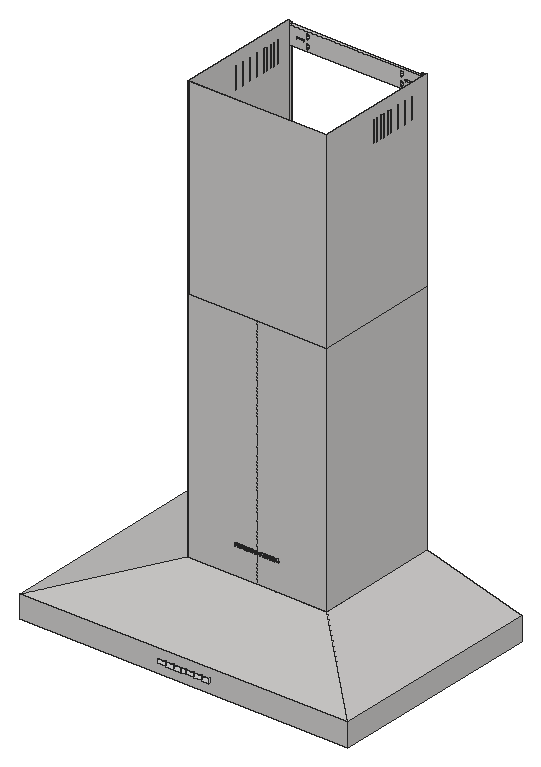
Revit family "FP_Revit_18_HC30PHTX1_N_Rangehood_90001238A", category Specialty Equipment, Revit 2018
Family settings
  Round Connector Dimension = Use Diameter
  Part Type = Normal
  OmniClass Number = 23.40.40.00
  OmniClass Title = Food Service Equipment and Furnishings
  Work Plane-Based = No
  Always vertical = Yes
  Cut with Voids When Loaded = Yes
  Shared = No
  Room Calculation Point = No
Parameters
  Visibility - Upper Chimney Extension [instance] = yes
  URL = "www.fisherpaykel.com"
  Product - Width = 755 mm  # constant formula
  Product - Height (655mm - 1094mm) Ducted [instance] = 1094 mm
  Product - Depth = 500 mm  # constant formula
  Model = "HC30PHTX1_N"
  Material - Trim = Fisher & Paykel - Steel, Chrome Plated
  Material - Body = Fisher & Paykel - Stainless Steel
  Manufacturer = "Fisher & Paykel Appliances"
  FFL Offset [instance] = 1565 mm
  Description = "30\" Rangehood"
  Connector Description - Extraction = "6” (152 mm) diameter, rigid or semi-rigid ducting, 600 CFM"
  Connector Description - Electrical = "120 V, 60Hz, 15 A, Fused electrical supply"
  Chassis - Width = 320 mm  # constant formula
  Chassis - Height = 114 mm  # constant formula
  Chassis - Depth = 290 mm  # constant formula
Reference planes
  plane 1 "Datum": y = 0
  plane 2: z = 0
  plane 3 "Center (Left/Right)": x = 0
  plane 4 "Product - Height": z = 2659
  plane 5 "Product LHS": x = -377.5
  plane 6 "Product RHS": x = 377.5
  plane 7 "Product - Depth": y = -500
  plane 8 "Cavity LHS": x = -160
  plane 9 "Cavity RHS": x = 160
  plane 10 "Chassis - Depth": y = -290
  plane 11 "FFL Offset": z = 1565
Forms (mm)
  Extrusion 1, solid, material "Fisher & Paykel - Stainless Steel" <- "Material - Body"
    sketch origin (0, 0, 0) x (1, 0, 0) y (0, 1, 0)
      loop
        line (-145, 0) -> (-160, 0) -> (-160, -290) -> (0, -290) -> (160, -290) -> (160, 0) -> (145, 0) -> (145, -1) -> (159, -1) -> (159, -289) -> (-159, -289) -> (-159, -1) -> (-145, -1) -> (-145, 0)
    from 1677.893 to 2220
  Extrusion 2, solid, material "Fisher & Paykel - Stainless Steel" <- "Material - Body", visible <- "Visibility - Upper Chimney Extension"
    sketch origin (0, 0, 0) x (1, 0, 0) y (0, 1, 0)
      loop
        line (-158, -2) -> (-150, -2) -> (-150, -1) -> (-159, -1) -> (-159, -289) -> (159, -289) -> (159, -1) -> (150, -1) -> (150, -2) -> (158, -2) -> (158, -288.044) -> (-158, -288.044) -> (-158, -2)
    from 2208 to 2659
  Extrusion 3, solid, material "Fisher & Paykel - Stainless Steel" <- "Material - Body"
    sketch origin (0, 0, 0) x (1, 0, 0) y (0, 1, 0)
      loop
        line (159, -1) -> (-159, -1) -> (-159, -279) -> (159, -279) -> (159, -1)
    from 1677.893 to 1849
  Extrusion 4, solid, material "Fisher & Paykel - Stainless Steel" <- "Material - Body"
    sketch origin (0, 0, 0) x (1, 0, 0) y (0, 1, 0)
      loop
        circle (0, -95) r 73.896
      loop
        circle (0, -95) r 75.04
    from 1849 to 1926
  Extrusion 5, solid, material "Fisher & Paykel - Stainless Steel" <- "Material - Body"
    sketch origin (0, 0, 0) x (1, 0, 0) y (0, 0, 1)
      loop
        line (-145, 1862) -> (-145, 1838.202) -> (145, 1838.202) -> (145, 1862) -> (-145, 1862)
      loop
        line (-127.5, 1853.202) -> (-127.5, 1851.532)
        arc (-127.5, 1851.532) -> (-125, 1842.202) -> (-122.5, 1851.532) r 5
        line (-122.5, 1851.532) -> (-122.5, 1853.202)
        arc (-122.5, 1853.202) -> (-125, 1855.702) -> (-127.5, 1853.202) r 2.5
      loop
        line (122.5, 1853.202) -> (122.5, 1851.532)
        arc (122.5, 1851.532) -> (125, 1842.202) -> (127.5, 1851.532) r 5
        line (127.5, 1851.532) -> (127.5, 1853.202)
        arc (127.5, 1853.202) -> (125, 1855.702) -> (122.5, 1853.202) r 2.5
    from 0 to 1
  Extrusion 6, solid, material "Fisher & Paykel - Stainless Steel" <- "Material - Body", visible <- "Visibility - Upper Chimney Extension"
    sketch origin (0, 0, 0) x (1, 0, 0) y (0, 0, 1)
      loop
        line (-150, 2612.811) -> (150, 2612.811) -> (150, 2655) -> (-150, 2655) -> (-150, 2612.811)
      loop
        line (104, 2646.5) -> (104, 2642.5)
        arc (104, 2642.5) -> (108, 2638.5) -> (112, 2642.5) r 4
        line (112, 2642.5) -> (112, 2646.5)
        arc (112, 2646.5) -> (108, 2650.5) -> (104, 2646.5) r 4
      loop
        arc (112, 2625.5) -> (108, 2629.5) -> (104, 2625.5) r 4
        line (104, 2625.5) -> (104, 2620.794)
        arc (104, 2620.794) -> (108, 2617.544) -> (112, 2620.794) r 4.087
        line (112, 2620.794) -> (112, 2625.5)
      loop
        arc (117.5, 2636.5) -> (115, 2634) -> (117.5, 2631.5) r 2.5
        line (117.5, 2631.5) -> (132.5, 2631.5)
        arc (132.5, 2631.5) -> (135, 2634) -> (132.5, 2636.5) r 2.5
        line (132.5, 2636.5) -> (117.5, 2636.5)
      loop
        arc (-104, 2646.5) -> (-108, 2650.5) -> (-112, 2646.5) r 4
        line (-112, 2646.5) -> (-112, 2642.5)
        arc (-112, 2642.5) -> (-108, 2638.5) -> (-104, 2642.5) r 4
        line (-104, 2642.5) -> (-104, 2646.5)
      loop
        line (-112, 2625.5) -> (-112, 2620.794)
        arc (-112, 2620.794) -> (-108, 2617.544) -> (-104, 2620.794) r 4.087
        line (-104, 2620.794) -> (-104, 2625.5)
        arc (-104, 2625.5) -> (-108, 2629.5) -> (-112, 2625.5) r 4
      loop
        line (-117.5, 2636.5) -> (-132.5, 2636.5)
        arc (-132.5, 2636.5) -> (-135, 2634) -> (-132.5, 2631.5) r 2.5
        line (-132.5, 2631.5) -> (-117.5, 2631.5)
        arc (-117.5, 2631.5) -> (-115, 2634) -> (-117.5, 2636.5) r 2.5
    from 1 to 7
  Extrusion 7, void
    sketch origin (0, 0, 0) x (0, 1, 0) y (0, 0, 1)
      loop
        line (-155.5, 2631.5) -> (-155.5, 2581.5)
        arc (-155.5, 2581.5) -> (-153, 2579) -> (-150.5, 2581.5) r 2.5
        line (-150.5, 2581.5) -> (-150.5, 2631.5)
        arc (-150.5, 2631.5) -> (-153, 2634) -> (-155.5, 2631.5) r 2.5
      loop
        line (-145.5, 2631.5) -> (-145.5, 2581.5)
        arc (-145.5, 2581.5) -> (-143, 2579) -> (-140.5, 2581.5) r 2.5
        line (-140.5, 2581.5) -> (-140.5, 2631.5)
        arc (-140.5, 2631.5) -> (-143, 2634) -> (-145.5, 2631.5) r 2.5
      loop
        line (-135.5, 2631.5) -> (-135.5, 2581.5)
        arc (-135.5, 2581.5) -> (-133, 2579) -> (-130.5, 2581.5) r 2.5
        line (-130.5, 2581.5) -> (-130.5, 2631.5)
        arc (-130.5, 2631.5) -> (-133, 2634) -> (-135.5, 2631.5) r 2.5
      loop
        line (-125.5, 2631.5) -> (-125.5, 2581.5)
        arc (-125.5, 2581.5) -> (-123, 2579) -> (-120.5, 2581.5) r 2.5
        line (-120.5, 2581.5) -> (-120.5, 2631.5)
        arc (-120.5, 2631.5) -> (-123, 2634) -> (-125.5, 2631.5) r 2.5
      loop
        line (-115.5, 2631.5) -> (-115.5, 2581.5)
        arc (-115.5, 2581.5) -> (-113, 2579) -> (-110.5, 2581.5) r 2.5
        line (-110.5, 2581.5) -> (-110.5, 2631.5)
        arc (-110.5, 2631.5) -> (-113, 2634) -> (-115.5, 2631.5) r 2.5
      loop
        line (-105.5, 2631.5) -> (-105.5, 2581.5)
        arc (-105.5, 2581.5) -> (-103, 2579) -> (-100.5, 2581.5) r 2.5
        line (-100.5, 2581.5) -> (-100.5, 2631.5)
        arc (-100.5, 2631.5) -> (-103, 2634) -> (-105.5, 2631.5) r 2.5
      loop
        line (-95.5, 2631.5) -> (-95.5, 2581.5)
        arc (-95.5, 2581.5) -> (-93, 2579) -> (-90.5, 2581.5) r 2.5
        line (-90.5, 2581.5) -> (-90.5, 2631.5)
        arc (-90.5, 2631.5) -> (-93, 2634) -> (-95.5, 2631.5) r 2.5
      loop
        line (-85.5, 2631.5) -> (-85.5, 2581.5)
        arc (-85.5, 2581.5) -> (-83, 2579) -> (-80.5, 2581.5) r 2.5
        line (-80.5, 2581.5) -> (-80.5, 2631.5)
        arc (-80.5, 2631.5) -> (-83, 2634) -> (-85.5, 2631.5) r 2.5
      loop
        line (-75.5, 2631.5) -> (-75.5, 2581.5)
        arc (-75.5, 2581.5) -> (-73, 2579) -> (-70.5, 2581.5) r 2.5
        line (-70.5, 2581.5) -> (-70.5, 2631.5)
        arc (-70.5, 2631.5) -> (-73, 2634) -> (-75.5, 2631.5) r 2.5
      loop
        line (-65.5, 2631.5) -> (-65.5, 2581.5)
        arc (-65.5, 2581.5) -> (-63, 2579) -> (-60.5, 2581.5) r 2.5
        line (-60.5, 2581.5) -> (-60.5, 2631.5)
        arc (-60.5, 2631.5) -> (-63, 2634) -> (-65.5, 2631.5) r 2.5
      loop
        line (-55.5, 2631.5) -> (-55.5, 2581.5)
        arc (-55.5, 2581.5) -> (-53, 2579) -> (-50.5, 2581.5) r 2.5
        line (-50.5, 2581.5) -> (-50.5, 2631.5)
        arc (-50.5, 2631.5) -> (-53, 2634) -> (-55.5, 2631.5) r 2.5
      loop
        line (-45.5, 2631.5) -> (-45.5, 2581.5)
        arc (-45.5, 2581.5) -> (-43, 2579) -> (-40.5, 2581.5) r 2.5
        line (-40.5, 2581.5) -> (-40.5, 2631.5)
        arc (-40.5, 2631.5) -> (-43, 2634) -> (-45.5, 2631.5) r 2.5
      loop
        line (-35.5, 2631.5) -> (-35.5, 2581.5)
        arc (-35.5, 2581.5) -> (-33, 2579) -> (-30.5, 2581.5) r 2.5
        line (-30.5, 2581.5) -> (-30.5, 2631.5)
        arc (-30.5, 2631.5) -> (-33, 2634) -> (-35.5, 2631.5) r 2.5
    from -159 to 159
  Extrusion 8, solid, material "Fisher & Paykel - Steel, Chrome Plated" <- "Material - Trim", detail levels fine
    sketch origin (0, 0, 565) x (1, 0, 0) y (0, 0, 1)
      loop
        line (-5, 1031.5) -> (-5, 1021.5) -> (5, 1021.5) -> (5, 1031.5) -> (-5, 1031.5)
      loop
        line (5.5, 1031.5) -> (5.5, 1021.5) -> (23, 1021.5) -> (23, 1031.5) -> (5.5, 1031.5)
      loop
        line (23.5, 1031.5) -> (23.5, 1021.5) -> (41, 1021.5) -> (41, 1031.5) -> (23.5, 1031.5)
      loop
        line (41.5, 1031.5) -> (41.5, 1021.5) -> (59, 1021.5) -> (59, 1031.5) -> (41.5, 1031.5)
      loop
        line (-5.5, 1031.5) -> (-23, 1031.5) -> (-23, 1021.5) -> (-5.5, 1021.5) -> (-5.5, 1031.5)
      loop
        line (-23.5, 1031.5) -> (-41, 1031.5) -> (-41, 1021.5) -> (-23.5, 1021.5) -> (-23.5, 1031.5)
      loop
        line (-41.5, 1031.5) -> (-59, 1031.5) -> (-59, 1021.5) -> (-41.5, 1021.5) -> (-41.5, 1031.5)
    from 500 to 501
  Extrusion 9, solid, material "Fisher & Paykel - Stainless Steel" <- "Material - Body"
    sketch origin (0, 0, 0) x (1, 0, 0) y (0, 0, 1)
      loop
        line (145, 2201) -> (-145, 2201) -> (-145, 2161) -> (145, 2161) -> (145, 2201)
      loop
        line (125, 2183.5) -> (110, 2183.5)
        arc (110, 2183.5) -> (107.5, 2181) -> (110, 2178.5) r 2.5
        line (110, 2178.5) -> (125, 2178.5)
        arc (125, 2178.5) -> (127.5, 2181) -> (125, 2183.5) r 2.5
      loop
        line (-110, 2183.5) -> (-125, 2183.5)
        arc (-125, 2183.5) -> (-127.5, 2181) -> (-125, 2178.5) r 2.5
        line (-125, 2178.5) -> (-110, 2178.5)
        arc (-110, 2178.5) -> (-107.5, 2181) -> (-110, 2183.5) r 2.5
    from 0 to 6
  Extrusion 10, void
    sketch origin (0, 0, 0) x (1, 0, 0) y (0, 1, 0)
      loop
        line (-286, -464) -> (286, -464) -> (286, -74) -> (-286, -74) -> (-286, -464)
      loop
        circle (-206.5, -42) r 25
      loop
        circle (206.5, -42) r 25
    from 1565 to 1574
  Extrusion 11, solid, material "Fisher & Paykel - Stainless Steel" <- "Material - Body", detail levels fine
    sketch origin (0, 0, 0) x (1, 0, 0) y (0, 1, 0)
      loop
        line (286, -74) -> (0.5, -74) -> (0.5, -464) -> (286, -464) -> (286, -74)
      loop
        line (10.5, -454) -> (123, -454) -> (123, -402) -> (163, -402) -> (163, -454) -> (275.5, -454) -> (275.5, -84) -> (10.5, -84) -> (10.5, -454)
      loop
        line (158.263, -407) -> (127.737, -407) -> (127.737, -447.253) -> (158.263, -447.253) -> (158.263, -407)
      loop
        line (-286, -74) -> (-286, -464) -> (-0.5, -464) -> (-0.5, -74) -> (-286, -74)
      loop
        line (-10.5, -454) -> (-10.5, -84) -> (-275.5, -84) -> (-275.5, -454) -> (-163, -454) -> (-163, -402) -> (-123, -402) -> (-123, -454) -> (-10.5, -454)
      loop
        line (-158.263, -407) -> (-158.263, -447.253) -> (-127.737, -447.253) -> (-127.737, -407) -> (-158.263, -407)
      loop
        line (-128.03, -446.96) -> (-128.03, -417.253) -> (-157.97, -417.253) -> (-157.97, -446.96) -> (-128.03, -446.96)
      loop
        line (157.97, -446.96) -> (157.97, -417.253) -> (128.03, -417.253) -> (128.03, -446.96) -> (157.97, -446.96)
    from 1566 to 1574
  Extrusion 12, solid, material "Fisher & Paykel - Aluminium", detail levels fine
    sketch origin (0, 0, 0) x (1, 0, 0) y (0, 1, 0)
      loop
        line (275.5, -84) -> (10.5, -84) -> (10.5, -454) -> (123, -454) -> (123, -402) -> (163, -402) -> (163, -454) -> (275.5, -454) -> (275.5, -84)
      loop
        line (-275.5, -84) -> (-275.5, -454) -> (-163, -454) -> (-163, -402) -> (-123, -402) -> (-123, -454) -> (-10.5, -454) -> (-10.5, -84) -> (-275.5, -84)
    from 1566 to 1574
  Extrusion 13, solid, material "Fisher & Paykel - Glass, Clear", detail levels fine
    sketch origin (0, 0, 0) x (1, 0, 0) y (0, 1, 0)
      loop
        circle (206.5, -42) r 22
      loop
        circle (-206.5, -42) r 22
    from 1565 to 1574
  Extrusion 14, solid, material "Fisher & Paykel - Stainless Steel" <- "Material - Body", detail levels fine
    sketch origin (0, 0, 0) x (1, 0, 0) y (0, 1, 0)
      loop
        line (-83, -22.5) -> (-83, -146.5) -> (83, -146.5) -> (83, -22.5) -> (-83, -22.5)
    from 1849 to 1862
  Extrusion 15, solid, material "Fisher & Paykel - Stainless Steel" <- "Material - Body", detail levels fine
    sketch origin (0, 0, 0) x (1, 0, 0) y (0, 1, 0)
      loop
        line (-83, -48) -> (-107, -70) -> (-107, -100) -> (-83, -122) -> (-83, -48)
      loop
        circle (-97.5, -85) r 2
      loop
        line (83, -48) -> (83, -122) -> (107, -100) -> (107, -70) -> (83, -48)
      loop
        circle (97.5, -85) r 2
    from 1849 to 1850
  Extrusion 16, solid, material "Fisher & Paykel - Stainless Steel" <- "Material - Body", detail levels medium+fine
    sketch origin (0, 0, 0) x (1, 0, 0) y (0, 0, 1)
      loop
        line (65, 1975) -> (65, 1885) -> (106, 1885) -> (106, 1849) -> (108.5, 1849) -> (108.5, 1946) -> (106, 1946) -> (106, 1975) -> (65, 1975)
    from 127.5 to 163.5
  Extrusion 17, solid, material "Fisher & Paykel - Stainless Steel" <- "Material - Body"
    sketch origin (0, 0, 0) x (1, 0, 0) y (0, 1, 0)
      loop
        circle (86, -145) r 12.009
      loop
        circle (86, -145) r 5.947
    from 1975 to 1977
  Extrusion 18, void
    sketch origin (0, 0, 0) x (1, 0, 0) y (0, 0, 1)
      loop
        line (-377.5, 1677.865) -> (-377.5, 1618) -> (-160, 1677.865) -> (-377.5, 1677.865)
      loop
        line (377.5, 1677.893) -> (159.897, 1677.893) -> (377.5, 1618) -> (377.5, 1677.893)
    from 0 to 500
  Extrusion 19, solid, material "Fisher & Paykel - Stainless Steel" <- "Material - Body"
    sketch origin (0, 0, 0) x (0, 1, 0) y (0, 0, 1)
      loop
        line (-500, 1565) -> (0, 1565) -> (0, 1677.893) -> (-290, 1677.893) -> (-500, 1617.686) -> (-500, 1565)
    from -377.5 to 377.5
  Extrusion 20, solid, material "Fisher & Paykel - Steel, Chrome Plated" <- "Material - Trim", detail levels fine
    sketch origin (0, 0, 0) x (1, 0, 0) y (0, 1, 0)
      loop
        circle (-206.5, -42) r 22
      loop
        circle (-206.5, -42) r 25
      loop
        circle (206.5, -42) r 22
      loop
        circle (206.5, -42) r 25
    from 1565 to 1574
Cuts and joins
  Extrusion 7 cuts Extrusion 2
  Extrusion 10, Extrusion 18 cuts Extrusion 19
Text (mm)
  text "Due to ongoing product development, product details are subject to change without notice. \nPlease always refer to www.fisherpaykel.com for the most current product information. \n© Fisher & Paykel 2020" at (41.04, -1225.549, 0), in view "Ref. Level (Plan)"
Dimensions and locks
  equal spacing: plane 5 "Product LHS", plane 3 "Center (Left/Right)", plane 6 "Product RHS"
  "Product - Width": plane 5 "Product LHS" to plane 6 "Product RHS"
  equal spacing: plane 8 "Cavity LHS", plane 3 "Center (Left/Right)", plane 9 "Cavity RHS"
  "Chassis - Width": plane 8 "Cavity LHS" to plane 9 "Cavity RHS"
  locked: Extrusion 1 sketch curve to Extrusion 1 sketch curve at 1  (x3)
  "Product - Depth": plane 7 "Product - Depth" to plane 1 "Datum"
  "FFL Offset": plane 11 "FFL Offset" to level
  locked: Extrusion 3 to plane 11 "FFL Offset" at 284
  locked: Extrusion 4 to plane 11 "FFL Offset" at 361
  "Product - Height (655mm - 1094mm) Ducted": plane 4 "Product - Height" to plane 11 "FFL Offset"
  locked: Extrusion 12 to plane 11 "FFL Offset" at 9
  locked: nested 1 to plane 11 "FFL Offset" at 175.041
  locked: Extrusion 8 to plane 11 "FFL Offset" at 21.5
  locked: Extrusion 11 to plane 11 "FFL Offset" at 1
  locked: Extrusion 1 to plane 11 "FFL Offset" at 655
  locked: Extrusion 14 to plane 11 "FFL Offset" at 297
  locked: Extrusion 15 to plane 11 "FFL Offset" at 285
  locked: Extrusion 17 to Extrusion 16 at 2
  locked: Extrusion 16 to plane 11 "FFL Offset" at 410
  locked: cut or joined group of Extrusion 2, Extrusion 7 to plane 4 "Product - Height" at 451
  locked: Extrusion 9 to plane 11 "FFL Offset" at 636
  locked: Extrusion 9 to Extrusion 9 at 40
  "Chassis - Depth": plane 10 "Chassis - Depth" to plane 1 "Datum"
  locked: cut or joined group of Extrusion 10, Extrusion 18, Extrusion 19 to plane 11 "FFL Offset" at 112.893
  aligned and locked: level to plane 2
  aligned and locked: Extrusion 1 sketch curve to plane 8 "Cavity LHS"
  aligned and locked: plane 9 "Cavity RHS" to Extrusion 1 sketch curve
  aligned and locked: plane 10 "Chassis - Depth" to Extrusion 1 sketch curve
  aligned and locked: plane 4 "Product - Height" to Extrusion 2
  aligned and locked: Extrusion 7 to Extrusion 1  (x2)
  aligned and locked: plane 7 "Product - Depth" to Extrusion 8
  aligned and locked: Extrusion 19 to plane 6 "Product RHS"
  aligned and locked: plane 5 "Product LHS" to Extrusion 19
  aligned and locked: Extrusion 1 to Extrusion 3
  aligned and locked: Extrusion 20 to plane 11 "FFL Offset"
  aligned and locked: Extrusion 20 to Extrusion 11
  aligned and locked: Extrusion 11 to Extrusion 12  (x2)
  aligned and locked: Extrusion 10 to Extrusion 11
  aligned and locked: Extrusion 13 to Extrusion 11
  aligned and locked: Extrusion 13 to plane 11 "FFL Offset"
  aligned and locked: Extrusion 3 to cut or joined group of Extrusion 10, Extrusion 18, Extrusion 19
  aligned and locked: Extrusion 4 to Extrusion 3
  aligned and locked: Extrusion 14 to Extrusion 3
  aligned and locked: Extrusion 3 to Extrusion 15
  aligned and locked: Extrusion 17 to Extrusion 16
  aligned and locked: Extrusion 18 to Extrusion 1
  aligned and locked: cut or joined group of Extrusion 10, Extrusion 18, Extrusion 19 to plane 11 "FFL Offset"
Automatic sketch dimensions
  Extrusion 1 sketch curve to plane 3 "Center (Left/Right)" = 0 mm
  plane 1 "Datum" to Extrusion 1 sketch curve = 1 mm  (x2)
  Extrusion 1 sketch curve to Extrusion 1 sketch curve = 14 mm
  plane 9 "Cavity RHS" to Extrusion 1 sketch curve = 15 mm
  Extrusion 3 sketch curve to plane 8 "Cavity LHS" = 1 mm
  plane 9 "Cavity RHS" to Extrusion 3 sketch curve = 1 mm
  plane 10 "Chassis - Depth" to Extrusion 3 sketch curve = 11 mm
  plane 1 "Datum" to Extrusion 3 sketch curve = 1 mm
  Extrusion 7 sketch curve to plane 4 "Product - Height" = 77.5 mm  (x2)
  plane 1 "Datum" to Extrusion 7 sketch curve = 155.5 mm
  Extrusion 7 sketch curve to Extrusion 7 sketch curve = 2.5 mm  (x13)
  Extrusion 7 sketch curve to Extrusion 7 sketch curve = 5 mm  (x12)
  Extrusion 7 sketch curve to Extrusion 7 sketch curve = 0 mm  (x23)
  Extrusion 7 sketch curve to plane 4 "Product - Height" = 27.5 mm
  plane 8 "Cavity LHS" to Extrusion 12 sketch curve = 115.5 mm
  plane 8 "Cavity LHS" to Extrusion 12 sketch curve = 3 mm
  Extrusion 12 sketch curve to Extrusion 12 sketch curve = 40 mm
  Extrusion 12 sketch curve to plane 3 "Center (Left/Right)" = 10.5 mm
  plane 3 "Center (Left/Right)" to Extrusion 12 sketch curve = 10.5 mm
  plane 9 "Cavity RHS" to Extrusion 12 sketch curve = 37 mm
  Extrusion 12 sketch curve to plane 9 "Cavity RHS" = 3 mm
  Extrusion 12 sketch curve to plane 9 "Cavity RHS" = 115.5 mm
  Extrusion 12 sketch curve to plane 10 "Chassis - Depth" = 164 mm  (x2)
  Extrusion 12 sketch curve to Extrusion 12 sketch curve = 0 mm  (x2)
  Extrusion 12 sketch curve to Extrusion 12 sketch curve = 52 mm  (x2)
  plane 1 "Datum" to Extrusion 12 sketch curve = 84 mm  (x2)
  Extrusion 2 sketch curve to plane 8 "Cavity LHS" = 1 mm
  Extrusion 2 sketch curve to Extrusion 2 sketch curve = 1 mm  (x3)
  plane 1 "Datum" to Extrusion 2 sketch curve = 2 mm  (x2)
  Extrusion 2 sketch curve to Extrusion 2 sketch curve = 8 mm
  plane 9 "Cavity RHS" to Extrusion 2 sketch curve = 10 mm
  plane 9 "Cavity RHS" to Extrusion 2 sketch curve = 2 mm
  plane 9 "Cavity RHS" to Extrusion 2 sketch curve = 1 mm
  plane 10 "Chassis - Depth" to Extrusion 2 sketch curve = 1.956 mm
  plane 10 "Chassis - Depth" to Extrusion 2 sketch curve = 1 mm
  Extrusion 5 sketch curve to plane 8 "Cavity LHS" = 15 mm
  Extrusion 5 sketch curve to Extrusion 5 sketch curve = 17.5 mm
  Extrusion 5 sketch curve to Extrusion 5 sketch curve = 2.5 mm  (x4)
  plane 9 "Cavity RHS" to Extrusion 5 sketch curve = 37.5 mm
  plane 9 "Cavity RHS" to Extrusion 5 sketch curve = 15 mm
  Extrusion 5 sketch curve to Extrusion 5 sketch curve = 4.33 mm  (x2)
  Extrusion 5 sketch curve to Extrusion 5 sketch curve = 9 mm  (x2)
  Extrusion 5 sketch curve to Extrusion 5 sketch curve = 1.67 mm  (x2)
  Extrusion 14 sketch curve to plane 8 "Cavity LHS" = 77 mm
  plane 9 "Cavity RHS" to Extrusion 14 sketch curve = 77 mm
  plane 10 "Chassis - Depth" to Extrusion 14 sketch curve = 143.5 mm
  plane 1 "Datum" to Extrusion 14 sketch curve = 22.5 mm
  Extrusion 4 sketch curve to Extrusion 4 sketch curve = 0 mm  (x2)
  Extrusion 4 sketch curve to plane 3 "Center (Left/Right)" = 0 mm
  plane 1 "Datum" to Extrusion 4 sketch curve = 95 mm
  Extrusion 15 sketch curve to plane 8 "Cavity LHS" = 53 mm
  Extrusion 15 sketch curve to Extrusion 15 sketch curve = 9.5 mm  (x2)
  Extrusion 15 sketch curve to Extrusion 15 sketch curve = 24 mm
  plane 9 "Cavity RHS" to Extrusion 15 sketch curve = 77 mm
  Extrusion 15 sketch curve to Extrusion 15 sketch curve = 14.5 mm
  plane 1 "Datum" to Extrusion 15 sketch curve = 122 mm  (x2)
  Extrusion 15 sketch curve to Extrusion 15 sketch curve = 22 mm  (x4)
  Extrusion 15 sketch curve to Extrusion 15 sketch curve = 15 mm  (x4)
  plane 3 "Center (Left/Right)" to Extrusion 16 sketch curve = 65 mm
  Extrusion 16 sketch curve to Extrusion 16 sketch curve = 41 mm  (x2)
  Extrusion 16 sketch curve to Extrusion 16 sketch curve = 2.5 mm
  plane 11 "FFL Offset" to Extrusion 16 sketch curve = 320 mm
  Extrusion 16 sketch curve to Extrusion 16 sketch curve = 61 mm
  Extrusion 16 sketch curve to Extrusion 16 sketch curve = 29 mm
  Extrusion 16 sketch curve to Extrusion 16 sketch curve = 36 mm
  Extrusion 17 sketch curve to Extrusion 17 sketch curve = 0 mm  (x2)
  plane 9 "Cavity RHS" to Extrusion 17 sketch curve = 74 mm
  plane 1 "Datum" to Extrusion 17 sketch curve = 145 mm
  Extrusion 6 sketch curve to Extrusion 6 sketch curve = 17.5 mm  (x2)
  Extrusion 6 sketch curve to Extrusion 6 sketch curve = 15 mm  (x2)
  Extrusion 6 sketch curve to Extrusion 6 sketch curve = 5.5 mm  (x3)
  Extrusion 6 sketch curve to Extrusion 6 sketch curve = 4 mm  (x6)
  Extrusion 6 sketch curve to Extrusion 6 sketch curve = 0 mm  (x3)
  plane 9 "Cavity RHS" to Extrusion 6 sketch curve = 10 mm
  Extrusion 6 sketch curve to Extrusion 6 sketch curve = 8.5 mm
  Extrusion 6 sketch curve to Extrusion 6 sketch curve = 6 mm  (x4)
  Extrusion 6 sketch curve to Extrusion 6 sketch curve = 2.5 mm  (x2)
  Extrusion 6 sketch curve to Extrusion 6 sketch curve = 3.87 mm  (x2)
  Extrusion 6 sketch curve to Extrusion 6 sketch curve = 0.837 mm  (x2)
  Extrusion 6 sketch curve to Extrusion 6 sketch curve = 18.689 mm
  Extrusion 6 sketch curve to plane 8 "Cavity LHS" = 56 mm
  Extrusion 6 sketch curve to plane 4 "Product - Height" = 46.189 mm
  Extrusion 6 sketch curve to Extrusion 6 sketch curve = 7.983 mm
  Extrusion 9 sketch curve to plane 8 "Cavity LHS" = 15 mm
  Extrusion 9 sketch curve to Extrusion 9 sketch curve = 20 mm
  Extrusion 9 sketch curve to Extrusion 9 sketch curve = 15 mm  (x2)
  plane 9 "Cavity RHS" to Extrusion 9 sketch curve = 50 mm
  plane 9 "Cavity RHS" to Extrusion 9 sketch curve = 15 mm
  Extrusion 9 sketch curve to Extrusion 9 sketch curve = 17.5 mm  (x3)
  Extrusion 9 sketch curve to Extrusion 9 sketch curve = 2.5 mm  (x2)
  Extrusion 9 sketch curve to plane 4 "Product - Height" = 498 mm
  Extrusion 5 sketch curve to Extrusion 5 sketch curve = 8.798 mm
  plane 11 "FFL Offset" to Extrusion 5 sketch curve = 273.202 mm
  Extrusion 8 sketch curve to plane 3 "Center (Left/Right)" = 59 mm
  Extrusion 8 sketch curve to Extrusion 8 sketch curve = 17.5 mm  (x5)
  Extrusion 8 sketch curve to Extrusion 8 sketch curve = 0.5 mm  (x6)
  Extrusion 8 sketch curve to plane 3 "Center (Left/Right)" = 5.5 mm
  plane 3 "Center (Left/Right)" to Extrusion 8 sketch curve = 5 mm
  plane 11 "FFL Offset" to Extrusion 8 sketch curve = 21.5 mm  (x3)
  Extrusion 8 sketch curve to Extrusion 8 sketch curve = 0 mm  (x9)
  Extrusion 8 sketch curve to Extrusion 8 sketch curve = 10 mm  (x2)
  plane 5 "Product LHS" to Extrusion 18 sketch curve = 0 mm
  plane 8 "Cavity LHS" to Extrusion 18 sketch curve = 0 mm
  plane 9 "Cavity RHS" to Extrusion 18 sketch curve = 0.103 mm
  plane 6 "Product RHS" to Extrusion 18 sketch curve = 0 mm
  plane 11 "FFL Offset" to Extrusion 18 sketch curve = 53 mm  (x2)
  plane 11 "FFL Offset" to Extrusion 18 sketch curve = 112.865 mm
  Extrusion 18 sketch curve to Extrusion 18 sketch curve = 59.893 mm
  Extrusion 1 sketch curve to Extrusion 1 sketch curve = 1 mm  (x2)
  Extrusion 10 sketch curve to plane 5 "Product LHS" = 91.5 mm
  plane 8 "Cavity LHS" to Extrusion 10 sketch curve = 46.5 mm
  Extrusion 10 sketch curve to plane 9 "Cavity RHS" = 46.5 mm
  Extrusion 10 sketch curve to Extrusion 10 sketch curve = 79.5 mm
  plane 7 "Product - Depth" to Extrusion 10 sketch curve = 36 mm
  plane 1 "Datum" to Extrusion 10 sketch curve = 74 mm
  plane 1 "Datum" to Extrusion 10 sketch curve = 42 mm  (x2)
  plane 8 "Cavity LHS" to Extrusion 13 sketch curve = 46.5 mm
  Extrusion 13 sketch curve to plane 9 "Cavity RHS" = 46.5 mm
  plane 1 "Datum" to Extrusion 13 sketch curve = 42 mm  (x2)
  Extrusion 20 sketch curve to Extrusion 20 sketch curve = 0 mm  (x4)
  plane 8 "Cavity LHS" to Extrusion 20 sketch curve = 46.5 mm
  Extrusion 20 sketch curve to plane 9 "Cavity RHS" = 46.5 mm
  plane 1 "Datum" to Extrusion 20 sketch curve = 42 mm  (x2)
  Extrusion 19 sketch curve to plane 7 "Product - Depth" = 0 mm
  Extrusion 19 sketch curve to plane 10 "Chassis - Depth" = 0 mm
  Extrusion 19 sketch curve to plane 1 "Datum" = 0 mm
  Extrusion 19 sketch curve to plane 11 "FFL Offset" = 0 mm
  Extrusion 19 sketch curve to Extrusion 19 sketch curve = 112.893 mm
  plane 11 "FFL Offset" to Extrusion 19 sketch curve = 52.686 mm
  Extrusion 11 sketch curve to plane 5 "Product LHS" = 91.5 mm
  Extrusion 11 sketch curve to Extrusion 11 sketch curve = 10.5 mm  (x2)
  plane 8 "Cavity LHS" to Extrusion 11 sketch curve = 3 mm
  Extrusion 11 sketch curve to plane 8 "Cavity LHS" = 1.737 mm
  Extrusion 11 sketch curve to plane 8 "Cavity LHS" = 2.03 mm
  Extrusion 11 sketch curve to Extrusion 11 sketch curve = 29.94 mm
  Extrusion 11 sketch curve to Extrusion 11 sketch curve = 0.293 mm  (x4)
  Extrusion 11 sketch curve to Extrusion 11 sketch curve = 4.737 mm  (x2)
  Extrusion 11 sketch curve to plane 3 "Center (Left/Right)" = 10.5 mm
  Extrusion 11 sketch curve to plane 3 "Center (Left/Right)" = 0.5 mm
  plane 3 "Center (Left/Right)" to Extrusion 11 sketch curve = 0.5 mm
  plane 3 "Center (Left/Right)" to Extrusion 11 sketch curve = 10.5 mm
  plane 9 "Cavity RHS" to Extrusion 11 sketch curve = 37 mm
  plane 9 "Cavity RHS" to Extrusion 11 sketch curve = 2.03 mm
  plane 9 "Cavity RHS" to Extrusion 11 sketch curve = 1.737 mm
  Extrusion 11 sketch curve to plane 9 "Cavity RHS" = 3 mm
  plane 7 "Product - Depth" to Extrusion 11 sketch curve = 46 mm  (x2)
  plane 6 "Product RHS" to Extrusion 11 sketch curve = 102 mm
  Extrusion 11 sketch curve to Extrusion 11 sketch curve = 0 mm  (x4)
  Extrusion 11 sketch curve to Extrusion 11 sketch curve = 10 mm  (x2)
  Extrusion 11 sketch curve to Extrusion 11 sketch curve = 6.747 mm  (x2)
  Extrusion 11 sketch curve to Extrusion 11 sketch curve = 29.707 mm  (x2)
  Extrusion 11 sketch curve to Extrusion 11 sketch curve = 10.253 mm  (x2)
  Extrusion 11 sketch curve to Extrusion 11 sketch curve = 5 mm  (x2)
  plane 1 "Datum" to Extrusion 11 sketch curve = 84 mm  (x2)
  radius of Extrusion 4 sketch curve = 73.896 mm
  radius of Extrusion 4 sketch curve = 75.04 mm
  radius of Extrusion 15 sketch curve = 2 mm  (x2)
  radius of Extrusion 17 sketch curve = 12.009 mm
  radius of Extrusion 17 sketch curve = 5.947 mm
  radius of Extrusion 10 sketch curve = 25 mm  (x2)
  radius of Extrusion 13 sketch curve = 22 mm  (x2)
  radius of Extrusion 20 sketch curve = 22 mm  (x2)
  radius of Extrusion 20 sketch curve = 25 mm  (x2)
Nested families
  nested 1: "F&P Logo 100mm" at (0.236, -290, 1740.041), type "Grey"
Connectors
  hvac at (0, -95, 1926), driven by "Connector Description - Extraction"
    settings: on Extrusion 4, index 1, duct flow 0.0 L/s, flow factor 0, pres drop 0.0 Pa, loss coef 0, conn angle 0.00°, conn width 304.8 mm, conn height 304.8 mm, conn diameter 150 mm, duct sys type 4, conn prof type 0, flow config 0, flow direction 2, loss method 0, conn ref index -1, conn util no, is conn primary yes, conn desc "6” (152 mm) diameter, rigid or semi-rigid ducting, 600 CFM"
  electrical at (86, -145, 1977), driven by "Connector Description - Electrical"
    settings: on Extrusion 17, index 3, voltage 120 V, apparent load 0 VA, apparent load phase1 0 VA, apparent load phase2 0 VA, apparent load phase3 0 VA, power factor 1, load classification "Other", number of poles 1, system type 30, power factor state 1, is connector primary yes, connector utility no, sub classification motor no, connector description "120 V, 60Hz, 15 A, Fused electrical supply"
Definition of nested family "F&P Logo 100mm"
  Parameters (values of type "Chrome")
    URL = "www.fisherpaykel.com"
    Material - Logo = none
    Manufacturer = "Fisher & Paykel Appliances"
  Types (3): name
    (no name)
    Chrome
    Grey
  Reference planes
    plane 1 "Center (Front/Back)": y = 0
    plane 2: z = 0
    plane 3 "Center (Left/Right)": x = 0
  Forms (mm)
    Extrusion 1, solid, material <- "Material - Logo", detail levels fine
      sketch origin (0, 0, 0) x (1, 0, 0) y (0, 0, 1)
        loop
          line (-50.044, 0) -> (-48.47, 0) -> (-48.47, 2.138) -> (-46.011, 2.138) -> (-46.011, 3.472) -> (-48.47, 3.472) -> (-48.47, 4.712) -> (-45.795, 4.712) -> (-45.795, 6.04) -> (-50.044, 6.04) -> (-50.044, 0)
        loop
          line (-42.804, 6.04) -> (-42.804, 0) -> (-41.23, 0) -> (-41.23, 6.04) -> (-42.804, 6.04)
        loop
          line (-30.724, 6.04) -> (-30.724, 0) -> (-29.151, 0) -> (-29.151, 2.42) -> (-26.839, 2.42) -> (-26.839, 0) -> (-25.265, 0) -> (-25.265, 6.04) -> (-26.839, 6.04) -> (-26.839, 3.748) -> (-29.151, 3.748) -> (-29.151, 6.04) -> (-30.724, 6.04)
        loop
          line (-21.906, 6.04) -> (-21.906, 0) -> (-17.602, 0) -> (-17.602, 1.328) -> (-20.347, 1.328) -> (-20.347, 2.42) -> (-17.838, 2.42) -> (-17.838, 3.748) -> (-20.347, 3.748) -> (-20.347, 4.712) -> (-17.602, 4.712) -> (-17.602, 6.04) -> (-21.906, 6.04)
        loop
          line (45.667, 6.04) -> (45.667, 0) -> (49.956, 0) -> (49.956, 1.328) -> (47.241, 1.328) -> (47.241, 6.04) -> (45.667, 6.04)
        loop
          line (42.431, 6.04) -> (38.112, 6.04) -> (38.112, 0) -> (42.431, 0) -> (42.431, 1.328) -> (39.687, 1.328) -> (39.687, 2.42) -> (42.195, 2.42) -> (42.195, 3.748) -> (39.687, 3.748) -> (39.687, 4.712) -> (42.431, 4.712) -> (42.431, 6.04)
        loop
          line (33.451, 3.148) -> (35.683, 6.04) -> (33.844, 6.04) -> (31.915, 3.542) -> (31.915, 6.04) -> (30.342, 6.04) -> (30.342, 0) -> (31.915, 0) -> (31.915, 2.705) -> (33.903, 0) -> (35.763, 0) -> (33.451, 3.148)
        loop
          line (21.98, 6.04) -> (24.262, 2.42) -> (24.262, 0) -> (25.837, 0) -> (25.837, 2.341) -> (28.119, 6.04) -> (26.446, 6.04) -> (25.099, 3.707) -> (23.753, 6.04) -> (21.98, 6.04)
        loop
          line (18.479, 6.04) -> (16.983, 6.04) -> (14.524, 0) -> (16.069, 0) -> (16.501, 1.112) -> (18.921, 1.112) -> (19.354, 0) -> (20.938, 0) -> (18.479, 6.04)
        loop
          line (18.4, 2.439) -> (17.693, 4.174) -> (17.018, 2.439) -> (18.4, 2.439)
        loop
          line (8.031, 6.04) -> (8.031, 0) -> (9.605, 0) -> (9.605, 1.938) -> (10.599, 1.938)
          arc (10.599, 1.938) -> (12.65, 3.989) -> (10.599, 6.04) r 2.051
          line (10.599, 6.04) -> (8.031, 6.04)
        loop
          line (9.605, 4.712) -> (9.605, 3.197) -> (10.501, 3.197)
          arc (10.501, 3.197) -> (11.259, 3.954) -> (10.501, 4.712) r 0.757
          line (10.501, 4.712) -> (9.605, 4.712)
        loop
          line (-11.783, 6.04) -> (-14.366, 6.04) -> (-14.366, 0) -> (-12.792, 0) -> (-12.792, 1.336) -> (-11.992, 1.336) -> (-10.972, 0) -> (-9.153, 0) -> (-10.694, 1.973)
          arc (-10.694, 1.973) -> (-9.678, 4.424) -> (-11.783, 6.04) r 2.179
        loop
          line (-11.897, 4.712) -> (-12.792, 4.712) -> (-12.792, 3.053) -> (-11.897, 3.053)
          arc (-11.897, 3.053) -> (-11.068, 3.882) -> (-11.897, 4.712) r 0.83
        loop
          line (0.477, 4.712) -> (0.477, 6.153) -> (-3.575, 6.153) -> (-3.575, 4.851) -> (-2.974, 4.112)
          arc (-2.974, 4.112) -> (-3.51, 0.684) -> (-0.045, 0.512) r 2.334
          line (-0.045, 0.512) -> (0.46, -0.109) -> (2.246, -0.109) -> (0.86, 1.594) -> (2.061, 3.324) -> (0.443, 3.324) -> (-0.013, 2.667) -> (-1.677, 4.712) -> (0.477, 4.712)
        loop
          arc (-2.125, 3.068) -> (-2.269, 1.668) -> (-0.868, 1.524) r 0.996
          line (-0.868, 1.524) -> (-2.125, 3.068)
        loop
          line (-35.18, 3.634) -> (-36.516, 3.91)
          arc (-36.516, 3.91) -> (-37.049, 4.443) -> (-36.516, 4.976) r 0.533
          arc (-36.516, 4.976) -> (-35.235, 4.79) -> (-34.059, 4.248) r 4.505
          line (-34.059, 4.248) -> (-34.059, 5.743)
          arc (-34.059, 5.743) -> (-35.549, 6.179) -> (-37.1, 6.109) r 4.726
          arc (-37.1, 6.109) -> (-38.536, 4.335) -> (-37.1, 2.561) r 1.814
          line (-37.1, 2.561) -> (-35.754, 2.282)
          arc (-35.754, 2.282) -> (-35.221, 1.749) -> (-35.754, 1.216) r 0.533
          arc (-35.754, 1.216) -> (-37.035, 1.402) -> (-38.211, 1.945) r 4.505
          line (-38.211, 1.945) -> (-38.211, 0.449)
          arc (-38.211, 0.449) -> (-36.72, 0.013) -> (-35.169, 0.083) r 4.726
          arc (-35.169, 0.083) -> (-33.734, 1.863) -> (-35.18, 3.634) r 1.814
      from 0 to 0.8
  Dimensions and locks
    aligned and locked: level to plane 2
